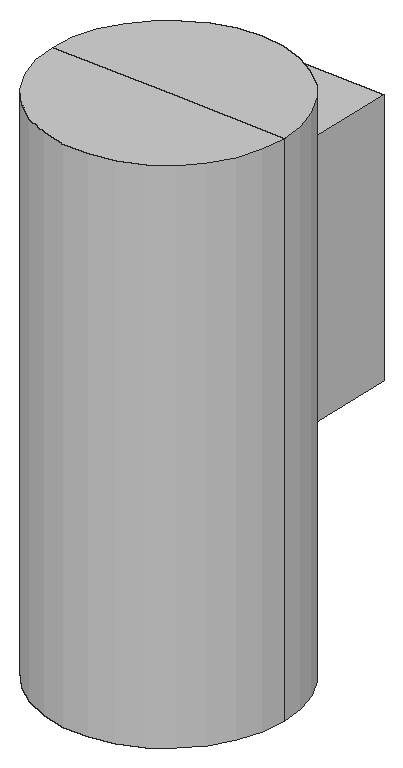
Revit family "WALL SINGLE TUBE 02_AM18W.1.22", category Luminarias, Revit 2019
Family settings
  Cota de conector redondo = Diámetro de uso
  Tipo de pieza = Normal
  Se basa en plano de trabajo = Sí
  Siempre vertical = No
  Corte con vacíos al cargar = No
  Origen de luz = Sí
  Compartido = No
  Punto de cálculo de habitación = No
Parameters (values of type "WALL SINGLE TUBE 02_AM18W.1.22")
  Ángulo de inclinación = 60.00°
  Zone [instance] = ""
  Watt per fixture = 20
  Wattage = 20 W
  built-in parameter 1150107 = 3000 (stored number, unit not read)
  built-in parameter 1150110 = 1 (stored number, unit not read)
  built-in parameter 1150109 = 1 (stored number, unit not read)
  built-in parameter 1150112 = 1 (stored number, unit not read)
  built-in parameter 1150113 = 1 (stored number, unit not read)
  built-in parameter 1114218 = 1 (stored number, unit not read)
  Keynote = ""
  built-in parameter 1150137 = (empty or 0)
  built-in parameter 1150132 = (empty or 0)
  Modelo = "AM18W.1.22"
  Lámpara = "NICHIA"
  built-in parameter 1150105 = 113.95 (stored number, unit not read)
  built-in parameter 1150102 = (empty or 0)
  built-in parameter 1150106 = 1.1395 (stored number, unit not read)
  Lumens = 1432 lm
  Color Filter = 16777215
  built-in parameter 1114217 = 1 (stored number, unit not read)
  built-in parameter 1150139 = (empty or 0)
  Fabricante = "BRILLANT"
  Default Elevation = 0 mm
  built-in parameter 1150104 = 6.6519 (stored number, unit not read)
  Descripción = "LUMINARIA DIRIGIBLE EN FORMA TUBULAR TIPO ARBOTANTE, DE MATERIAL EN ALEACION DE ALUMINIO EXTRUIDO CON UN PESO DE 2KG, CON 1 LED TIPO NICHIA CON UNA POTENCIA TOTAL DE 20W, 1432 LUMENES, TEMPERATURA EN BLANCO CALIDO 3000K, IRC 80, IP 65, IK10, APERTURA DE  22 GRADOS EN STOCK, CORRIENTE DE OPERACIÓN 178mA, CABLE DE 0.3M, ALIMENTADO A 100-277VAC"
  built-in parameter 1150115 = 1 (stored number, unit not read)
  built-in parameter 1150114 = 1 (stored number, unit not read)
  Comentarios de vataje = "100-277V"
  built-in parameter 1150138 = (empty or 0)
  built-in parameter 1150134 = (empty or 0)
  Circuit [instance] = ""
  Dimming Lamp Color Temperature Shift = (empty or 0)
  Archivo de red fotométrica = "AM18W.1_22º.IES"
  built-in parameter 1150133 = 10 (stored number, unit not read)
Reference planes
  plane 1 "Centro (Frontal/Posterior)": y = 0
  plane 2: z = 0
  plane 3 "Centro (Izquierda/Derecha)": x = 0
Forms (mm)
  Revolve 1, solid, material "Cristal", not visible
    sketch origin (-152, 0, 0) x (0, 1, 0) y (0, 0, -1)
      loop
        line (0, -8.749) -> (0, -7.25) -> (-1.499, -7.25)
        arc (-1.499, -7.25) -> (-1.06, -8.31) -> (0, -8.749) r 1.499
      axis (0, -7.25) -> (-1.499, -7.25)
    angle from 0 to 360
  Revolve 2, solid, material "Cristal", not visible
    sketch origin (-136, 0, 0) x (0, 1, 0) y (0, 0, -1)
      loop
        line (0, -8.749) -> (0, -7.25) -> (-1.499, -7.25)
        arc (-1.499, -7.25) -> (-1.06, -8.31) -> (0, -8.749) r 1.499
      axis (0, -7.25) -> (-1.499, -7.25)
    angle from 0 to 360
  Revolve 3, solid, material "Cristal", not visible
    sketch origin (-120, 0, 0) x (0, 1, 0) y (0, 0, -1)
      loop
        line (0, -8.749) -> (0, -7.25) -> (-1.499, -7.25)
        arc (-1.499, -7.25) -> (-1.06, -8.31) -> (0, -8.749) r 1.499
      axis (0, -7.25) -> (-1.499, -7.25)
    angle from 0 to 360
  Revolve 4, solid, material "Cristal", not visible
    sketch origin (-104, 0, 0) x (0, 1, 0) y (0, 0, -1)
      loop
        line (0, -8.749) -> (0, -7.25) -> (-1.499, -7.25)
        arc (-1.499, -7.25) -> (-1.06, -8.31) -> (0, -8.749) r 1.499
      axis (0, -7.25) -> (-1.499, -7.25)
    angle from 0 to 360
  Revolve 5, solid, material "Cristal", not visible
    sketch origin (-88, 0, 0) x (0, 1, 0) y (0, 0, -1)
      loop
        line (0, -8.749) -> (0, -7.25) -> (-1.499, -7.25)
        arc (-1.499, -7.25) -> (-1.06, -8.31) -> (0, -8.749) r 1.499
      axis (0, -7.25) -> (-1.499, -7.25)
    angle from 0 to 360
  Revolve 6, solid, material "Cristal", not visible
    sketch origin (-72, 0, 0) x (0, 1, 0) y (0, 0, -1)
      loop
        line (0, -8.749) -> (0, -7.25) -> (-1.499, -7.25)
        arc (-1.499, -7.25) -> (-1.06, -8.31) -> (0, -8.749) r 1.499
      axis (0, -7.25) -> (-1.499, -7.25)
    angle from 0 to 360
  Revolve 7, solid, material "Cristal", not visible
    sketch origin (-56, 0, 0) x (0, 1, 0) y (0, 0, -1)
      loop
        line (0, -8.749) -> (0, -7.25) -> (-1.499, -7.25)
        arc (-1.499, -7.25) -> (-1.06, -8.31) -> (0, -8.749) r 1.499
      axis (0, -7.25) -> (-1.499, -7.25)
    angle from 0 to 360
  Revolve 8, solid, material "Cristal", not visible
    sketch origin (-40, 0, 0) x (0, 1, 0) y (0, 0, -1)
      loop
        line (0, -8.749) -> (0, -7.25) -> (-1.499, -7.25)
        arc (-1.499, -7.25) -> (-1.06, -8.31) -> (0, -8.749) r 1.499
      axis (0, -7.25) -> (-1.499, -7.25)
    angle from 0 to 360
  Revolve 9, solid, material "Cristal", not visible
    sketch origin (-24, 0, 0) x (0, 1, 0) y (0, 0, -1)
      loop
        line (0, -8.749) -> (0, -7.25) -> (-1.499, -7.25)
        arc (-1.499, -7.25) -> (-1.06, -8.31) -> (0, -8.749) r 1.499
      axis (0, -7.25) -> (-1.499, -7.25)
    angle from 0 to 360
  Revolve 10, solid, material "Cristal", not visible
    sketch origin (-8, 0, 0) x (0, 1, 0) y (0, 0, -1)
      loop
        line (0, -8.749) -> (0, -7.25) -> (-1.499, -7.25)
        arc (-1.499, -7.25) -> (-1.06, -8.31) -> (0, -8.749) r 1.499
      axis (0, -7.25) -> (-1.499, -7.25)
    angle from 0 to 360
  Revolve 11, solid, material "Cristal", not visible
    sketch origin (8, 0, 0) x (0, 1, 0) y (0, 0, -1)
      loop
        line (0, -8.749) -> (0, -7.25) -> (-1.499, -7.25)
        arc (-1.499, -7.25) -> (-1.06, -8.31) -> (0, -8.749) r 1.499
      axis (0, -7.25) -> (-1.499, -7.25)
    angle from 0 to 360
  Revolve 12, solid, material "Cristal", not visible
    sketch origin (24, 0, 0) x (0, 1, 0) y (0, 0, -1)
      loop
        line (0, -8.749) -> (0, -7.25) -> (-1.499, -7.25)
        arc (-1.499, -7.25) -> (-1.06, -8.31) -> (0, -8.749) r 1.499
      axis (0, -7.25) -> (-1.499, -7.25)
    angle from 0 to 360
  Revolve 13, solid, material "Cristal", not visible
    sketch origin (40, 0, 0) x (0, 1, 0) y (0, 0, -1)
      loop
        line (0, -8.749) -> (0, -7.25) -> (-1.499, -7.25)
        arc (-1.499, -7.25) -> (-1.06, -8.31) -> (0, -8.749) r 1.499
      axis (0, -7.25) -> (-1.499, -7.25)
    angle from 0 to 360
  Revolve 14, solid, material "Cristal", not visible
    sketch origin (56, 0, 0) x (0, 1, 0) y (0, 0, -1)
      loop
        line (0, -8.749) -> (0, -7.25) -> (-1.499, -7.25)
        arc (-1.499, -7.25) -> (-1.06, -8.31) -> (0, -8.749) r 1.499
      axis (0, -7.25) -> (-1.499, -7.25)
    angle from 0 to 360
  Revolve 15, solid, material "Cristal", not visible
    sketch origin (72, 0, 0) x (0, 1, 0) y (0, 0, -1)
      loop
        line (0, -8.749) -> (0, -7.25) -> (-1.499, -7.25)
        arc (-1.499, -7.25) -> (-1.06, -8.31) -> (0, -8.749) r 1.499
      axis (0, -7.25) -> (-1.499, -7.25)
    angle from 0 to 360
  Revolve 16, solid, material "Cristal", not visible
    sketch origin (88, 0, 0) x (0, 1, 0) y (0, 0, -1)
      loop
        line (0, -8.749) -> (0, -7.25) -> (-1.499, -7.25)
        arc (-1.499, -7.25) -> (-1.06, -8.31) -> (0, -8.749) r 1.499
      axis (0, -7.25) -> (-1.499, -7.25)
    angle from 0 to 360
  Revolve 17, solid, material "Cristal", not visible
    sketch origin (104, 0, 0) x (0, 1, 0) y (0, 0, -1)
      loop
        line (0, -8.749) -> (0, -7.25) -> (-1.499, -7.25)
        arc (-1.499, -7.25) -> (-1.06, -8.31) -> (0, -8.749) r 1.499
      axis (0, -7.25) -> (-1.499, -7.25)
    angle from 0 to 360
  Revolve 18, solid, material "Cristal", not visible
    sketch origin (120, 0, 0) x (0, 1, 0) y (0, 0, -1)
      loop
        line (0, -8.749) -> (0, -7.25) -> (-1.499, -7.25)
        arc (-1.499, -7.25) -> (-1.06, -8.31) -> (0, -8.749) r 1.499
      axis (0, -7.25) -> (-1.499, -7.25)
    angle from 0 to 360
  Revolve 19, solid, material "Cristal", not visible
    sketch origin (136, 0, 0) x (0, 1, 0) y (0, 0, -1)
      loop
        line (0, -8.749) -> (0, -7.25) -> (-1.499, -7.25)
        arc (-1.499, -7.25) -> (-1.06, -8.31) -> (0, -8.749) r 1.499
      axis (0, -7.25) -> (-1.499, -7.25)
    angle from 0 to 360
  Revolve 20, solid, material "Cristal", not visible
    sketch origin (152, 0, 0) x (0, 1, 0) y (0, 0, -1)
      loop
        line (0, -8.749) -> (0, -7.25) -> (-1.499, -7.25)
        arc (-1.499, -7.25) -> (-1.06, -8.31) -> (0, -8.749) r 1.499
      axis (0, -7.25) -> (-1.499, -7.25)
    angle from 0 to 360
  Revolve 21, solid, material "Acero Inoxidable"
    sketch origin (0, -72, 120.325) x (-1, 0, 0) y (0, 0, 1)
      loop
        line (0, 104.435) -> (-50, 104.435) -> (-50, -120.325) -> (-45.45, -120.325) -> (-45.45, -119.441) -> (-44.649, -119.441) -> (-44.649, -120.325) -> (-39.84, -120.325) -> (-39.84, -119.453)
        arc (-39.84, -119.453) -> (-29.528, -112.244) -> (-17.374, -108.997) r 36.226
        line (-17.374, -108.997) -> (0, -108.997) -> (0, 104.435)
      axis (0, 104.435) -> (0, -120.325)
    angle from 0 to 360
  Extrusion 22, solid, material "Cristal"
    sketch origin (0, 19.494, 0) x (1, 0, 0) y (0, 1, 0)
      loop
        circle (0, -91.494) r 40
    from 0 to 0.872
  Extrusion 23, solid, material "Acero Inoxidable"
    sketch origin (0, 0, 0) x (1, 0, 0) y (0, 1, 0)
      loop
        line (-35, 0) -> (-35, -52.635)
        arc (-35, -52.635) -> (0, -32) -> (35, -52.635) r 40
        line (35, -52.635) -> (35, 0) -> (-35, 0)
    from 94.411 to 204.715
  Extrusion 24, void
    sketch origin (0, 0, 0) x (1, 0, 0) y (0, 1, 0)
      loop
        circle (0, -29.396) r 1.283
      loop
        circle (-40.519, -58.835) r 1.283
      loop
        circle (25.042, -106.468) r 1.283
      loop
        circle (40.519, -58.835) r 1.283
      loop
        circle (-25.042, -106.468) r 1.283
    from 0 to 1.671
  Extrusion 25, solid, material "Acero Inoxidable"
    sketch origin (0, 0, 0) x (1, 0, 0) y (0, 1, 0)
      loop
        circle (25.042, -106.468) r 1.084
      loop
        line (24.252, -106.468) -> (24.647, -107.152) -> (25.437, -107.152) -> (25.832, -106.468) -> (25.437, -105.783) -> (24.647, -105.783) -> (24.252, -106.468)
      loop
        circle (-25.042, -106.468) r 1.084
      loop
        line (-25.832, -106.468) -> (-25.437, -107.152) -> (-24.647, -107.152) -> (-24.252, -106.468) -> (-24.647, -105.783) -> (-25.437, -105.783) -> (-25.832, -106.468)
      loop
        circle (-40.519, -58.835) r 1.084
      loop
        line (-39.729, -58.835) -> (-40.124, -58.15) -> (-40.914, -58.15) -> (-41.309, -58.835) -> (-40.914, -59.519) -> (-40.124, -59.519) -> (-39.729, -58.835)
      loop
        circle (-0.023, -29.396) r 1.084
      loop
        line (-0.813, -29.396) -> (-0.418, -30.08) -> (0.372, -30.08) -> (0.767, -29.396) -> (0.372, -28.711) -> (-0.418, -28.711) -> (-0.813, -29.396)
      loop
        circle (40.519, -58.835) r 1.084
      loop
        line (41.309, -58.835) -> (40.914, -58.15) -> (40.124, -58.15) -> (39.729, -58.835) -> (40.124, -59.519) -> (40.914, -59.519) -> (41.309, -58.835)
    from 0 to 1.671
  Extrusion 26, void
    sketch origin (0, 0, 0) x (1, 0, 0) y (0, 1, 0)
      loop
        circle (-20.22, -13.334) r 3.469
      loop
        circle (20.22, -13.334) r 3.469
    from 94.411 to 97.721
  Extrusion 27, solid, material "Aluminio"
    sketch origin (0, 0, 0) x (1, 0, 0) y (0, 1, 0)
      loop
        circle (-20.22, -13.334) r 3.271
      loop
        line (-22.643, -12.929) -> (-22.643, -13.738) -> (-20.62, -13.738) -> (-20.62, -15.757) -> (-19.82, -15.757) -> (-19.82, -13.738) -> (-17.797, -13.738) -> (-17.797, -12.929) -> (-19.82, -12.929) -> (-19.82, -10.911) -> (-20.62, -10.911) -> (-20.62, -12.929) -> (-22.643, -12.929)
      loop
        circle (20.22, -13.334) r 3.271
      loop
        line (22.643, -12.929) -> (20.62, -12.929) -> (20.62, -10.911) -> (19.82, -10.911) -> (19.82, -12.929) -> (17.797, -12.929) -> (17.797, -13.738) -> (19.82, -13.738) -> (19.82, -15.757) -> (20.62, -15.757) -> (20.62, -13.738) -> (22.643, -13.738) -> (22.643, -12.929)
    from 94.411 to 97.721
Cuts and joins
  Extrusion 24 cuts Revolve 21
  Extrusion 26 cuts Extrusion 23
Lines and regions (mm)
  model lines
    curve 1: line (0, 0, 0) -> (0, -112, 0)
    curve 2: line (0, 0, 0) -> (0, -140, 0)
    curve 3: line (50, 0, 169) -> (50, 0, 189)
    curve 4: line (-1.283, -29.396, 0) -> (1.283, -29.396, 0)
Dimensions and locks
  equal spacing: Extrusion 23 sketch curve, plane 3 "Centro (Izquierda/Derecha)", Extrusion 23 sketch curve
  Extrusion 23 sketch curve to plane 3 "Centro (Izquierda/Derecha)" = 35 mm
  Extrusion 23 sketch curve to Extrusion 23 sketch curve = 70 mm
  Extrusion 23 to Extrusion 23 = 70 mm
  Extrusion 23 to Extrusion 23 = 110.303 mm
  cut or joined group of Revolve 21, Extrusion 24 to cut or joined group of Revolve 21, Extrusion 24 = 224.761 mm
  aligned and locked: level to plane 2
  aligned and locked: Extrusion 22 to level
  aligned and locked: Extrusion 26 to Extrusion 27
  aligned and locked: Extrusion 23 to Extrusion 26
Connectors
  electrical at (0, 0, 149.563)
    settings: on cut or joined group of Extrusion 23, Extrusion 26, index 1, voltage 277 V, apparent load 0 VA, apparent load phase1 0 VA, apparent load phase2 0 VA, apparent load phase3 0 VA, power factor 1, load classification "Otro", number of poles 1, system type 31, power factor state 1, is connector primary yes, connector utility no, sub classification motor no, connector description ""
